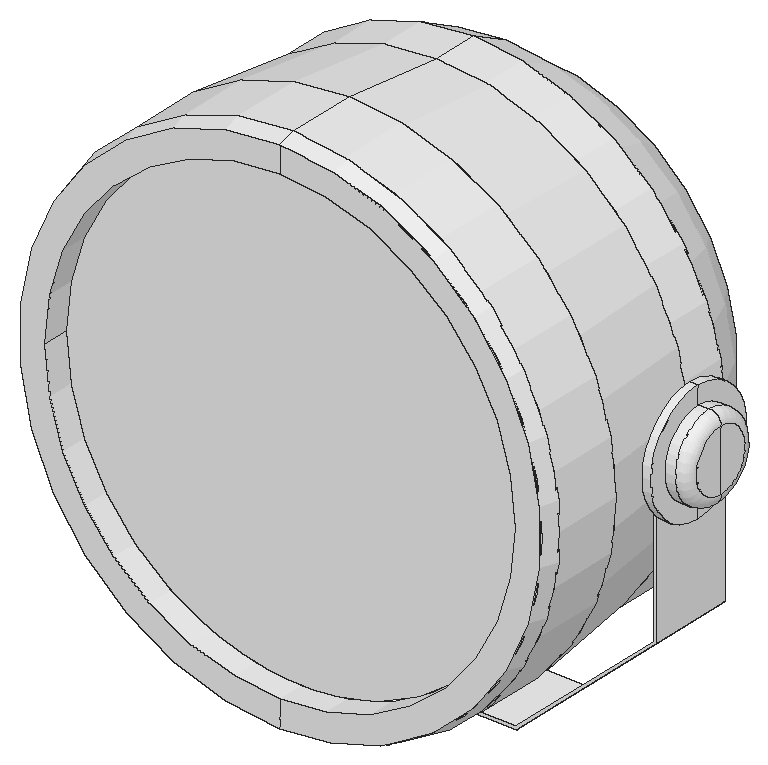
Revit family "Lighting-Accent-Acclaim-Dyna Drum SO Color", category Lighting Fixtures, host Face, Revit 2016
Family settings
  Host = Face
  Part Type = Normal
  Round Connector Dimension = Use Diameter
  Cut with Voids When Loaded = No
  Light Source = Yes
  Shared = No
  Room Calculation Point = No
Parameters
  Wattage = 9.2903 W
  built-in parameter 1150110 = 1 (stored number, unit not read)
  Voltage = 0 V
  URL = "http://www.acclaimlighting.com/"
  built-in parameter 1114217 = 1 (stored number, unit not read)
  Tilt Angle = -90.00°
  built-in parameter 1150109 = 1 (stored number, unit not read)
  built-in parameter 1150134 = 3
  built-in parameter 1150113 = 1 (stored number, unit not read)
  Power Factor = 1
  Photometric Web File = "Dyna Drum SO 4000K 6Âº.ies"
  Number of Poles = 1
  Model = "Dyna Drum SO Color"
  Manufacturer = "Acclaim Lighting"
  built-in parameter 1150105 = 109.82 (stored number, unit not read)
  Lumens = 1380 lm
  built-in parameter 1150115 = 1 (stored number, unit not read)
  built-in parameter 1150137 = (empty or 0)
  built-in parameter 1150139 = (empty or 0)
  built-in parameter 1150112 = 1 (stored number, unit not read)
  built-in parameter 1150114 = 1 (stored number, unit not read)
  Lamp = "LED"
  built-in parameter 1150132 = (empty or 0)
  built-in parameter 1150102 = (empty or 0)
  built-in parameter 1150107 = 3200 (stored number, unit not read)
  built-in parameter 1150138 = (empty or 0)
  built-in parameter 1150106 = 1.0982 (stored number, unit not read)
  Housing Finish = Aluminum
  Emit from Circle Diameter = 254 mm
  Emit Shape Visible in Rendering = no
  built-in parameter 1150104 = 13.8 (stored number, unit not read)
  Dimming Lamp Color Temperature Shift = <None>
  Description = "Accent Fixture"
  Default Elevation = 1219.2 mm
  Color Filter = 16777215
  built-in parameter 1114218 = 1 (stored number, unit not read)
  built-in parameter 1150133 = 10 (stored number, unit not read)
  Apparent Load = 0 VA
Reference planes
  plane 1 "Center (Front/Back)": y = 0
  plane 2: z = 0
  plane 3 "Center (Left/Right)": x = 0
  plane 4: x = -169.11
  plane 5: x = 169.11
  plane 6: x = 0
  plane 7: z = 163.83
  plane 8: z = 317.5
  plane 9: y = 106.546
  plane 10: y = -106.546
Forms (mm)
  Revolve 1, solid, material "Aluminum" <- "Housing Finish"
    sketch origin (0, 0, -69.85) x (0, 1, 0) y (0, 0, 1)
      loop
        line (-107.55, 385.056) -> (-107.55, 233.68) -> (105.55, 233.68) -> (105.55, 306.735)
        arc (105.55, 306.735) -> (76.521, 350.932) -> (32.324, 379.961) r 130.341
        line (32.324, 379.961) -> (6.044, 379.961) -> (-56.982, 387.699) -> (-97.687, 387.699) -> (-107.55, 385.056)
      axis (-107.55, 233.68) -> (105.55, 233.68)
    angle from 0 to 360
  Revolve 2, solid, material "Aluminum" <- "Housing Finish"
    sketch origin (10, 0, 0) x (1, 0, 0) y (0, 0, 1)
      loop
        line (159.09, 163.489) -> (159.09, 181.159)
        arc (159.09, 181.159) -> (157.113, 185.93) -> (152.342, 187.907) r 6.748
        line (152.342, 187.907) -> (145.992, 187.907) -> (145.992, 198.11) -> (141.35, 198.11) -> (141.35, 163.489) -> (159.09, 163.489)
      axis (141.35, 163.489) -> (159.09, 163.489)
    angle from 0 to 360
  Extrusion 3, solid, material "Aluminum" <- "Housing Finish"
    sketch origin (0, 0, 0) x (1, 0, 0) y (0, 0, 1)
      loop
        line (-151.292, 170.794) -> (-151.292, 73.068) -> (-70.266, 0) -> (0, 0) -> (70.266, 0) -> (151.292, 73.068) -> (151.292, 170.794) -> (149.705, 170.794) -> (149.705, 73.42) -> (70.049, 1.587) -> (0, 1.587) -> (-70.049, 1.587) -> (-149.705, 73.42) -> (-149.705, 170.794) -> (-151.292, 170.794)
    from -24.794 to 24.289
  Revolve 4, solid, material "Aluminum" <- "Housing Finish"
    sketch origin (-10, 0, 0) x (-1, 0, 0) y (0, 0, 1)
      loop
        line (159.09, 163.489) -> (159.09, 181.159)
        arc (159.09, 181.159) -> (157.113, 185.93) -> (152.342, 187.907) r 6.748
        line (152.342, 187.907) -> (145.992, 187.907) -> (145.992, 198.11) -> (141.35, 198.11) -> (141.35, 163.489) -> (159.09, 163.489)
      axis (141.35, 163.489) -> (159.09, 163.489)
    angle from 0 to 360
  Extrusion 5, void
    sketch origin (0, 0, 0) x (1, 0, 0) y (0, 0, 1)
      loop
        circle (0, 163.83) r 136.281
    from 92.112 to 107.55
Cuts and joins
  Extrusion 5 cuts Revolve 1
Dimensions and locks
  equal spacing: plane 4, plane 3 "Center (Left/Right)", plane 5
  plane 4 to plane 5 = 338.22 mm
  equal spacing: plane 5, plane 3 "Center (Left/Right)", plane 4
  plane 5 to plane 4 = 338.22 mm
  equal spacing: plane 9, plane 1 "Center (Front/Back)", plane 10
  plane 9 to plane 10 = 213.092 mm
  aligned and locked: plane 2 to host face
  aligned and locked: level to host face
  aligned and locked: imposter light to cut or joined group of Revolve 1, Extrusion 5
Automatic sketch dimensions
  host sketch curve to host sketch curve = 2438.4 mm  (x2)
  Revolve 1 sketch curve to plane 7 = 0 mm  (x2)
  Revolve 1 sketch curve to plane 8 = 2.294 mm
  plane 1 "Center (Front/Back)" to Revolve 1 sketch curve = 107.55 mm
  plane 8 to Revolve 1 sketch curve = 0.349 mm
  Revolve 1 sketch curve to Revolve 1 sketch curve = 9.863 mm
  Revolve 1 sketch curve to Revolve 1 sketch curve = 40.704 mm
  plane 1 "Center (Front/Back)" to Revolve 1 sketch curve = 15.644 mm
  Revolve 1 sketch curve to plane 1 "Center (Front/Back)" = 6.044 mm
  Revolve 1 sketch curve to Revolve 1 sketch curve = 26.28 mm
  Revolve 1 sketch curve to plane 1 "Center (Front/Back)" = 105.55 mm
  plane 7 to Revolve 1 sketch curve = 25.087 mm
  Revolve 1 sketch curve to Revolve 1 sketch curve = 73.055 mm
  Revolve 1 sketch curve to Revolve 1 sketch curve = 25 mm
  Revolve 1 sketch curve to Revolve 1 sketch curve = 110.35 mm
  plane 7 to Revolve 2 sketch curve = 34.28 mm
  plane 3 "Center (Left/Right)" to Revolve 2 sketch curve = 151.35 mm
  Revolve 2 sketch curve to Revolve 2 sketch curve = 4.642 mm
  Revolve 2 sketch curve to Revolve 2 sketch curve = 6.35 mm
  Revolve 2 sketch curve to plane 7 = 0.341 mm  (x2)
  Revolve 2 sketch curve to Revolve 2 sketch curve = 17.74 mm
  plane 7 to Revolve 2 sketch curve = 17.329 mm
  Revolve 2 sketch curve to Revolve 2 sketch curve = 0 mm
  Revolve 2 sketch curve to Revolve 2 sketch curve = 29.209 mm
  Revolve 4 sketch curve to plane 7 = 34.28 mm
  plane 3 "Center (Left/Right)" to Revolve 4 sketch curve = 151.35 mm
  Revolve 4 sketch curve to Revolve 4 sketch curve = 4.642 mm
  Revolve 4 sketch curve to Revolve 4 sketch curve = 6.35 mm
  plane 7 to Revolve 4 sketch curve = 0.341 mm  (x2)
  Revolve 4 sketch curve to Revolve 4 sketch curve = 17.74 mm
  Revolve 4 sketch curve to plane 7 = 17.329 mm
  Revolve 4 sketch curve to Revolve 4 sketch curve = 0 mm
  Revolve 4 sketch curve to Revolve 4 sketch curve = 29.209 mm
  Extrusion 3 sketch curve to level = 0 mm
  Extrusion 3 sketch curve to plane 3 "Center (Left/Right)" = 0 mm  (x2)
  level to Extrusion 3 sketch curve = 1.587 mm
  Extrusion 3 sketch curve to Extrusion 3 sketch curve = 70.049 mm
  Extrusion 3 sketch curve to Extrusion 3 sketch curve = 0.217 mm  (x2)
  level to Extrusion 3 sketch curve = 73.42 mm
  Extrusion 3 sketch curve to Extrusion 3 sketch curve = 79.656 mm  (x2)
  Extrusion 3 sketch curve to Extrusion 3 sketch curve = 1.588 mm  (x2)
  plane 3 "Center (Left/Right)" to Extrusion 3 sketch curve = 70.049 mm
  Extrusion 3 sketch curve to Extrusion 3 sketch curve = 0.352 mm  (x2)
  level to Extrusion 3 sketch curve = 73.068 mm
  plane 7 to Extrusion 3 sketch curve = 6.964 mm  (x2)
  Extrusion 5 sketch curve to plane 3 "Center (Left/Right)" = 0 mm
  Extrusion 5 sketch curve to plane 7 = 0 mm
  radius of Extrusion 5 sketch curve = 136.281 mm
Connectors
  electrical at (35.133, 0.253, 0), driven by "Number of Poles", driven by "Voltage", driven by "Apparent Load", driven by "Power Factor"
    settings: on Extrusion 3, index 1, voltage 0 V, apparent load 0 VA, apparent load phase1 0 VA, apparent load phase2 0 VA, apparent load phase3 0 VA, power factor 1, load classification "Other", number of poles 1, system type 31, power factor state 1, is connector primary yes, connector utility no, sub classification motor no, connector description ""
